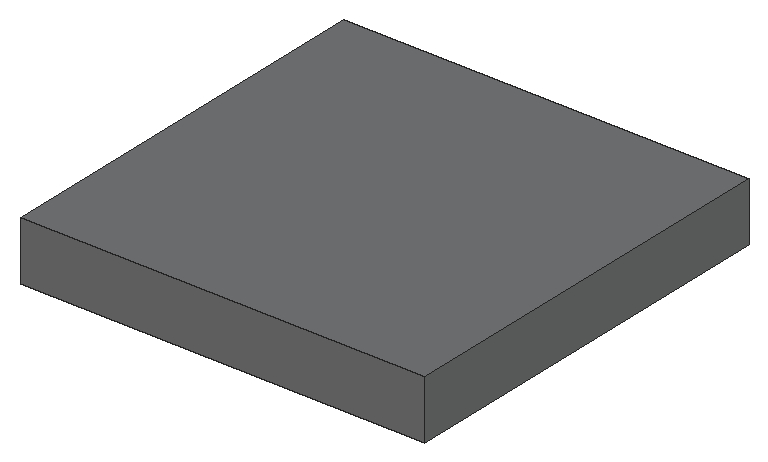
Revit family "Gira_5360600", category Electrical Fixtures, host Face, Revit 2017
Family settings
  Host = Face
  Maintain Annotation Orientation = No
  Round Connector Dimension = Use Diameter
  Part Type = Normal
  Cut with Voids When Loaded = No
  Shared = No
  Room Calculation Point = No
Parameters (values of type "S3000 Bedienaufs. System 55 Edelstahl")
  Werkstoffgüte = "sonstige"
  Werkstoff = "sonstige"
  URL = "http://katalog.gira.de/de_DE/datenblatt.html?artikelnr=5360600"
  Transparent = "No"
  Region = "DE"
  Oberfläche = "sonstige"
  Name = "S3000 Bedienaufs. System 55 Edelstahl"
  Mit LED-Anzeige = "No"
  Mit Abdeckung = "Yes"
  Manufacturer URL = "https://www.gira.de/"
  Keynote = "Sys55_Abdeckung_Schalten und Tasten"
  HeinzeBIM = "https://bimportal.heinze.de/bim/s3000-bedienaufs-system-55-edelstahl/9fabce2ee8ac0c99546cc944558cb2a280e186e5"
  Halogenfrei = "Yes"
  HAN = "5360600"
  Geeignet für Schalteinsatz = "No"
  Geeignet für Jalousieeinsatz = "Yes"
  Geeignet für Dimmeinsatz = "No"
  GTIN = "4010337027256"
  Farbe = "edelstahl"
  Default Elevation = 1219.2 mm
  Data sheet (1) = "https://katalog.gira.de/de_DE/download.html?artikelnr=5360600"
  Category = "Bedienelement intelligent"
  Available = "Yes"
  Ausführung der Oberfläche = "nicht zutreffend"
  Anzahl der Tasten = "1 "
  Anzahl der Betätigungspunkte = "2 "
  Anwendung = "Steuern elektrischer Verbraucher"
  Anthrazit [instance] = Anthrazit
Reference planes
  plane 1 "Center (Front/Back)": y = 0
  plane 2: z = 0
  plane 3 "Center (Left/Right)": x = 0
Forms (mm)
  Extrusion 1, solid, material "Anthrazit" <- "Anthrazit", detail levels fine
    sketch origin (0, 0, 0) x (1, 0, 0) y (0, 1, 0)
      loop
        line (-27.5, 27.5) -> (-27.5, -27.5) -> (27.5, -27.5) -> (27.5, 27.5) -> (-27.5, 27.5)
    from 0 to 8
  Extrusion 2, void
    sketch origin (0, 0, 0) x (1, 0, 0) y (0, 1, 0)
      loop
        line (26, 26) -> (-26, 26) -> (-26, -26) -> (26, -26) -> (26, 26)
    from 0 to 6
  Extrusion 3, solid, material "Anthrazit" <- "Anthrazit", detail levels medium
    sketch origin (0, 0, 0) x (1, 0, 0) y (0, 1, 0)
      loop
        line (-27.5, 27.5) -> (-27.5, -27.5) -> (27.5, -27.5) -> (27.5, 27.5) -> (-27.5, 27.5)
    from 0 to 8
  Extrusion 4, solid, material "Anthrazit" <- "Anthrazit", detail levels medium
    sketch origin (0, 0, 0) x (1, 0, 0) y (0, 1, 0)
      loop
        line (11, -17.5) -> (11, 17.5) -> (-11, 17.5) -> (-11, -17.5) -> (11, -17.5)
    from -6 to 6
  Extrusion 5, solid, material "Anthrazit" <- "Anthrazit", detail levels fine
    sketch origin (0, 0, 0) x (1, 0, 0) y (0, 1, 0)
      loop
        line (11, 17.5) -> (-11, 17.5) -> (-11, 16.5) -> (11, 16.5) -> (11, 17.5)
      loop
        line (-11, -16.5) -> (-11, -17.5) -> (11, -17.5) -> (11, -16.5) -> (-11, -16.5)
    from -4 to 6
  Extrusion 6, solid, material "Anthrazit" <- "Anthrazit", detail levels fine
    sketch origin (0, 0, 0) x (1, 0, 0) y (0, 1, 0)
      loop
        arc (5, 9.347) -> (0, 10.6) -> (-5, 9.347) r 10.6
        line (-5, 9.347) -> (-5, -9.347)
        arc (-5, -9.347) -> (0, -10.6) -> (5, -9.347) r 10.6
        line (5, -9.347) -> (5, 9.347)
    from -6 to 6
  Extrusion 7, solid, material "Anthrazit" <- "Anthrazit", detail levels coarse
    sketch origin (0, 0, 0) x (1, 0, 0) y (0, 1, 0)
      loop
        line (-27.5, 27.5) -> (-27.5, -27.5) -> (27.5, -27.5) -> (27.5, 27.5) -> (-27.5, 27.5)
    from -6 to 8
Cuts and joins
  Extrusion 2 cuts Extrusion 1
Dimensions and locks
  aligned and locked: plane 2 to host face
  aligned and locked: level to host face
